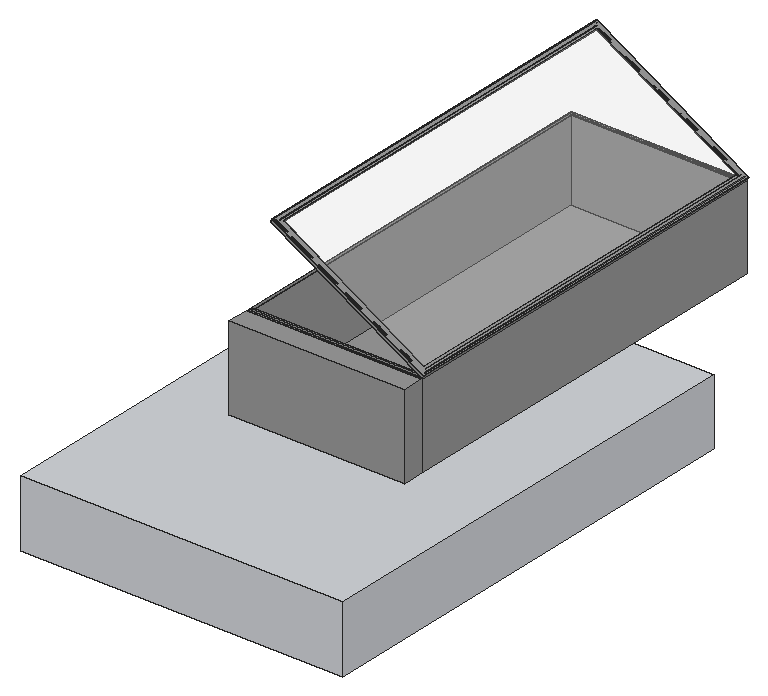
Revit family "Hager-Univers-IP55-D400-H1950-Cl.I-Steel_encl-AT-de", category Equipement électrique, Revit 2020
Family settings
  Hôte = Face
  Configuration du panneau = Deux colonnes, circuits au sein
  Cote de connecteur circulaire = Utiliser le diamètre
  Type d'élément = Tableau de raccordement
  Couper avec des vides une fois chargée = Non
  Partagée = Non
  Point de calcul de pièce = Non
Parameters (values of type "Bodenaufstellung IP55 B800 H1950 T400  - FR23V1")
  Width Control [instance] = if([EF000008 - Breite] > Min Width, [EF000008 - Breite], Min Width)  # 800 mm
  Commentaires du type = [HG000003 - Bereich]  # "Univers"
  Thickness Door [instance] = if([EF009171 - Materialstärke Tür/Deckel] > 3 mm, 3 mm, [EF009171 - Materialstärke Tür/Deckel])  # 1.5 mm
  Seal Frame Offset [instance] = 17 mm  # constant formula
  Plinth Visibility [instance] = [HG000027 - Sockelhöhe] > 0 mm  # yes
  Model = ""
  Min Width [instance] = 100 mm  # constant formula
  Min Height [instance] = 100 mm  # constant formula
  Min Depth [instance] = (2 * [EF009170 - Materialstärke Gehäuse]) + 1 mm  # 4 mm
  Internal Frame Depth [instance] = (Door System Depth * 0.5)  # 9 mm
  Height Control [instance] = if([EF000040 - Höhe] > Min Height, [EF000040 - Höhe], Min Height)  # 1950 mm
  HG000027 - Sockelhöhe = 100 mm
  HG000026 - Stehend auf dem Boden = yes
  HG000024 - Höhe des unteren Teils = 800 mm
  HG000023 - Gehäuse mit doppeltem Querschnitt = no
  HG000016 - 3D-Türsichtbarkeit [instance] = yes
  HG000015 - Sichtbarkeit der Türöffnung [instance] = no
  HG000014 - Tür rechts [instance] = yes
  HG000013 - Tür links [instance] = not([HG000014 - Tür rechts])  # no
  HG000012 - Türschwenkwinkel [instance] = 30.00°
  HG000010 - Asymmetrische Türen = no
  HG000009 - Doppelflügeligen Tür = no
  HG000006 - Unterputz = no
  HG000004 - Herstellerreferenz = "FR23V1"
  HG000003 - Bereich = "Univers"
  HG000002 - Mit tür = yes
  Frame Offset Bottom [instance] = 10 mm  # constant formula
  Frame Offset [instance] = 15 mm  # constant formula
  EF015940 - Deckel mit Überdruckentlastung = no
  EF011959 - Schutzart (NEMA) = ""
  EF009554 - Anzahl der Öffnungen für Flanschplatten = 6
  Fabricant = "Hager"  # constant formula
  EF009212 - Ausführung Deckel = "EV000116 - geschlossen"
  EF009171 - Materialstärke Tür/Deckel = 1.5 mm
  EF009170 - Materialstärke Gehäuse = 1.5 mm
  EF008873 - Nennstrom (In) = 800 A
  EF007800 - Geeignet für Blitzschutz = no
  EF006306 - Mit Schloss = no
  EF006244 - Transparenter Deckel/Tür = yes
  EF005474 - Schutzart (IP) = "EV006420 - IP55"
  EF004464 - Art der Tür = "EV002646 - Einzel"
  EF004427 - Anzahl der Module = 432
  EF004293 - Schlagfestigkeit = "EV008784 - IK10"
  EF003532 - Geeignet für Außengebrauch = no
  EF002950 - Breite in Teilungseinheiten = 24
  EF001613 - Funktionserhalt = "EV000494 - ohne"
  EF001596 - Werkstoff des Gehäuses = "EV000179 - Stahl"
  EF001131 - Innentiefe = 400 mm
  EF001088 - Anbaumöglichkeit = yes
  EF000437 - Anzahl der Leitungseinführungen = 6
  EF000339 - Art der Abdeckung = "EV004216 - Tür"
  EF000266 - Anzahl der Reihen = 12
  EF000218 - Einbautiefe = 0 mm
  EF000118 - Mit Montageplatte = no
  EF000116 - RAL-Nummer = "7035"
  EF000049 - Tiefe = 400 mm
  EF000040 - Höhe = 1950 mm
  EF000008 - Breite = 800 mm
  EF000007 - Farbe = "EV000270 - grau"
  EF000003 - Montageart = "EV012274 - Bodenaufstellung"
  Door System Leaf Tolerance [instance] = 1.5 mm  # constant formula
  Door System Depth [instance] = 18 mm  # constant formula
  Door Height [instance] = Height Control - [HG000027 - Sockelhöhe]  # 1850 mm
  Depth Control [instance] = if([EF000049 - Tiefe] > Min Depth, [EF000049 - Tiefe], Min Depth)  # 400 mm
  Default Elevation = 0 mm
  Connector Offset [instance] = Height Control / 2  # 975 mm
  Bottom Top Plate Trim [instance] = 1.5 mm  # constant formula
  Plinth height Ctrl [instance] = if([HG000027 - Sockelhöhe] > 0 mm, [HG000027 - Sockelhöhe], 12 mm)  # 100 mm
Types (11, lengths in mm): name | Width Control | HG000010 - Asymmetrische Türen | HG000009 - Doppelflügeligen Tür | HG000004 - Herstellerreferenz | EF009554 - Anzahl der Öffnungen für Flanschplatten | EF006244 - Transparenter Deckel/Tür | EF004464 - Art der Tür | EF004427 - Anzahl der Module | EF000437 - Anzahl der Leitungseinführungen | EF000008 - Breite
  Bodenaufstellung IP55 B1050 H1950 T400  - FR24G1 | 1050 | yes | yes | "FR24G1" | 8 | no | "EV003602 - Doppel" | 576 | 8 | 1050
  Bodenaufstellung IP55 B1050 H1950 T400  - FR24V1 | 1050 | yes | yes | "FR24V1" | 8 | yes | "EV003602 - Doppel" | 576 | 8 | 1050
  Bodenaufstellung IP55 B1300 H1950 T400  - FR25G1 | 1300 | yes | yes | "FR25G1" | 10 | no | "EV003602 - Doppel" | 720 | 10 | 1300
  Bodenaufstellung IP55 B1300 H1950 T400  - FR25V1 | 1300 | yes | yes | "FR25V1" | 10 | yes | "EV003602 - Doppel" | 720 | 10 | 1300
  Bodenaufstellung IP55 B1550 H1950 T400  - FR26G1 | 1550 | yes | yes | "FR26G1" | 12 | no | "EV003602 - Doppel" | 864 | 12 | 1550
  Bodenaufstellung IP55 B1550 H1950 T400  - FR26V1 | 1550 | yes | yes | "FR26V1" | 12 | yes | "EV003602 - Doppel" | 864 | 12 | 1550
  Bodenaufstellung IP55 B300 H1950 T400  - FR21G1 | 300 | no | no | "FR21G1" | 2 | no | "EV002646 - Einzel" | 144 | 2 | 300
  Bodenaufstellung IP55 B550 H1950 T400  - FR22G1 | 550 | no | no | "FR22G1" | 4 | no | "EV002646 - Einzel" | 288 | 4 | 550
  Bodenaufstellung IP55 B550 H1950 T400  - FR22V1 | 550 | no | no | "FR22V1" | 4 | yes | "EV002646 - Einzel" | 288 | 4 | 550
  Bodenaufstellung IP55 B800 H1950 T400  - FR23G1 | 800 | no | no | "FR23G1" | 6 | no | "EV002646 - Einzel" | 432 | 6 | 800
  Bodenaufstellung IP55 B800 H1950 T400  - FR23V1 | 800 | no | no | "FR23V1" | 6 | yes | "EV002646 - Einzel" | 432 | 6 | 800
Reference planes
  plane 1 "Center (Front/Back)": y = 0
  plane 2: z = 0
  plane 3 "Center (Left/Right)": x = 0
  plane 4: z = 400
  plane 5: y = 101.5
  plane 6: y = 1025
  plane 7: y = 100
  plane 8: y = 1950
  plane 9: z = 0
  plane 10: x = -385
  plane 11: x = 385
  plane 12: x = 383.5
  plane 13: x = -383.5
  plane 14: y = 1948.5
  plane 15: x = -383
  plane 16: x = -400
  plane 17: x = 383
  plane 18: x = 400
  plane 19: x = 398.5
  plane 20: x = -398.5
  plane 21: y = 111.5
  plane 22: y = 1950
  plane 23: y = 1933.5
  plane 24: z = 382
  plane 25: z = 1.5
  plane 26: z = 380.5
  plane 27: z = 398.5
Forms (mm)
  Extrusion 1, solid
    sketch origin (0, 0, 0) x (1, 0, 0) y (0, 1, 0)
      loop
        line (-702.964, 1305) -> (-702.964, -811.445) -> (766.763, -811.445) -> (766.763, 1305) -> (-702.964, 1305)
    from 0 to -304.8
  Extrusion 2, solid, material "Hager_Steel_RAL7035_Light_Grey", visible <- "Plinth Visibility", detail levels medium+fine
    sketch origin (0, 0, 0) x (1, 0, 0) y (0, 1, 0)
      loop
        line (-400, 0) -> (400, 0) -> (400, 100) -> (-400, 100) -> (-400, 0)
    from 0 to 382
  Extrusion 3, solid, material "Hager_Steel_RAL7035_Light_Grey", detail levels medium+fine
    sketch origin (0, 0, 0) x (1, 0, 0) y (0, 1, 0)
      loop
        line (-400, 100) -> (400, 100) -> (400, 1950) -> (-400, 1950) -> (-400, 100)
    from 0 to 382
  Extrusion 4, void
    sketch origin (0, 0, 0) x (1, 0, 0) y (0, 1, 0)
      loop
        line (-398.5, 101.5) -> (398.5, 101.5) -> (398.5, 1948.5) -> (-398.5, 1948.5) -> (-398.5, 101.5)
    from 1.5 to 380.5
  Extrusion 5, void
    sketch origin (-381.607, -4572, 382) x (0, -1, 0) y (-1, 0, 0)
      loop
        line (-4683.5, 1.893) -> (-6505.5, 1.893) -> (-6505.5, -765.107) -> (-4683.5, -765.107) -> (-4683.5, 1.893)
    from 0 to 1.5 <- "EF009170 - Materialstärke Gehäuse"
  Extrusion 6, solid, material "Hager_Steel_RAL7035_Light_Grey", detail levels fine
    sketch origin (0, 0, 382) x (1, 0, 0) y (0, 1, 0)
      loop
        line (-383.5, 1933.5) -> (-383.5, 111.5) -> (383.5, 111.5) -> (383.5, 1933.5) -> (-383.5, 1933.5)
      loop
        line (-385, 110) -> (385, 110) -> (385, 1935) -> (-385, 1935) -> (-385, 110)
    from 0 to 9 <- "Internal Frame Depth"
  Extrusion 7, solid, material "Hager_Steel_RAL7035_Light_Grey", detail levels coarse
    sketch origin (0, 0, 0) x (1, 0, 0) y (0, 1, 0)
      loop
        line (-400, 0) -> (400, 0) -> (400, 1950) -> (-400, 1950) -> (-400, 0)
    from 0 to 400
  Sweep 8, void
    path in 3D
      loop
        line (-400, 100, 0) -> (400, 100, 0) -> (400, 100, 382) -> (-400, 100, 382) -> (-400, 100, 0)
    profile origin (-400, 100, 191) x (-1, 0, 0) y (0, -1, 0)
      loop
        line (0, 0) -> (0, 1.5) -> (-1.5, 1.5)
        arc (-1.5, 1.5) -> (-1.061, 0.439) -> (0, 0) r 1.5
Cuts and joins
  Extrusion 4, Extrusion 5 cuts Extrusion 3
  Sweep 8 cuts Extrusion 2
Lines and regions (mm)
  Masking region 1
    outline origin (0, 0, 0) x (1, 0, 0) y (0, 0, 1)
      loop
        line (-400, 400) -> (-400, 0) -> (400, 0) -> (400, 400) -> (-400, 400)
  Masking region 2, detail levels medium+fine
    outline origin (0, 140, 0) x (0, 1, 0) y (0, 0, 1)
      loop
        line (-40, 0) -> (1810, 0) -> (1810, 382) -> (-40, 382) -> (-40, 0)
  Masking region 3, not visible, detail levels medium+fine
    outline origin (0, 297.922, 0) x (0, 1, 0) y (0, 0, 1)
      loop
        line (738.578, 0) -> (778.578, 0) -> (778.578, 388.5)
        arc (778.578, 388.5) -> (775.649, 395.571) -> (768.578, 398.5) r 10
        line (768.578, 398.5) -> (738.578, 398.5) -> (738.578, 0)
  Masking region 4, detail levels coarse
    outline origin (0, 0, 180) x (0, 1, 0) y (0, 0, 1)
      loop
        line (0, -180) -> (1950, -180) -> (1950, 220) -> (0, 220) -> (0, -180)
  Masking region 5, visible <- "Plinth Visibility", detail levels medium+fine
    outline origin (0, 52.24, 12.345) x (0, 0, -1) y (0, 1, 0)
      loop
        line (10.845, 47.76) -> (-368.155, 47.76)
        arc (-368.155, 47.76) -> (-368.594, 46.699) -> (-369.655, 46.26) r 1.5
        line (-369.655, 46.26) -> (-369.655, -52.24) -> (12.345, -52.24) -> (12.345, 46.26)
        arc (12.345, 46.26) -> (11.285, 46.699) -> (10.845, 47.76) r 1.5
  Masking region 6, detail levels medium+fine
    outline origin (-381.607, -4572, 382) x (-1, 0, 0) y (0, -1, 0)
      loop
        line (18.393, -6522) -> (18.393, -4672) -> (-781.607, -4672) -> (-781.607, -6522) -> (18.393, -6522)
  Masking region 7, visible <- "Plinth Visibility", detail levels medium+fine
    outline origin (-381.607, -4727, 382) x (-1, 0, 0) y (0, -1, 0)
      loop
        arc (16.893, -4827) -> (17.332, -4825.939) -> (18.393, -4825.5) r 1.5
        line (18.393, -4825.5) -> (18.393, -4727) -> (-781.607, -4727) -> (-781.607, -4825.5)
        arc (-781.607, -4825.5) -> (-780.546, -4825.939) -> (-780.107, -4827) r 1.5
        line (-780.107, -4827) -> (16.893, -4827)
  Masking region 8, detail levels coarse
    outline origin (-442.548, -4669.526, 382) x (-1, 0, 0) y (0, -1, 0)
      loop
        line (-42.548, -6619.526) -> (-42.548, -4669.526) -> (-842.548, -4669.526) -> (-842.548, -6619.526) -> (-42.548, -6619.526)
  sketch lines
    curve 1: line (-400, 100, 382) -> (-400, 100, 0)
    curve 2: line (400, 100, 382) -> (-400, 100, 382)
    curve 3: line (400, 100, 382) -> (400, 100, 0)
    curve 4: line (-400, 100, 0) -> (400, 100, 0)
Dimensions and locks
  "Depth Control": plane 4 to Extrusion 1
  "HG000027 - Sockelhöhe": plane 1 "Center (Front/Back)" to plane 7
  "EF009170 - Materialstärke Gehäuse": plane 5 to plane 7
  locked: connector elem to plane 3 "Center (Left/Right)"
  equal spacing: plane 8, plane 6, plane 7
  locked: connector elem to plane 6
  "EF009170 - Materialstärke Gehäuse": plane 8 to plane 14
  "EF009170 - Materialstärke Gehäuse": plane 10 to plane 13
  "EF009170 - Materialstärke Gehäuse": plane 12 to plane 11
  "Frame Offset": plane 20 to plane 13
  "Frame Offset": plane 12 to plane 19
  "EF009170 - Materialstärke Gehäuse": plane 16 to plane 20
  "EF009170 - Materialstärke Gehäuse": plane 19 to plane 18
  "Seal Frame Offset": plane 16 to plane 15
  "Seal Frame Offset": plane 17 to plane 18
  "Frame Offset Bottom": plane 21 to plane 5
  "Frame Offset": plane 14 to plane 23
  equal spacing: plane 16, plane 3 "Center (Left/Right)", plane 18
  "Width Control": plane 16 to plane 18
  "EF009170 - Materialstärke Gehäuse": plane 4 to plane 27
  "EF009170 - Materialstärke Gehäuse": plane 24 to plane 26
  "EF009170 - Materialstärke Gehäuse": plane 25 to level
  "Door System Depth": plane 4 to plane 24
  "Height Control": plane 1 "Center (Front/Back)" to Extrusion 7 sketch curve
  "Height Control": Masking region 4 sketch curve to plane 1 "Center (Front/Back)"
  "Height Control": plane 1 "Center (Front/Back)" to plane 22
  "Bottom Top Plate Trim": profile plane to Sweep 8 sketch curve
  "Bottom Top Plate Trim": Sweep 8 sketch curve to profile plane
  "Plinth height Ctrl": plane 1 "Center (Front/Back)" to Extrusion 2 sketch curve
  "Plinth height Ctrl": Masking region 5 sketch curve to plane 1 "Center (Front/Back)"
  "Plinth height Ctrl": plane 1 "Center (Front/Back)" to Masking region 7 sketch curve
  "Thickness Door": Extrusion 6 sketch curve to Extrusion 6 sketch curve  (x3)
  "Thickness Door": cut or joined group of Extrusion 3, Extrusion 4, Extrusion 5 to Extrusion 6 sketch curve
  radius of Masking region 3 sketch curve = 10 mm
  "Bottom Top Plate Trim": radius of Masking region 5 sketch curve  (x2)
  "Bottom Top Plate Trim": radius of Sweep 8 sketch curve
  "Bottom Top Plate Trim": radius of Masking region 7 sketch curve  (x2)
  aligned and locked: plane 2 to Extrusion 1
  aligned and locked: level to Extrusion 1
  aligned and locked: level to Masking region 1 sketch curve
  aligned and locked: Masking region 1 sketch curve to plane 18
  aligned and locked: Masking region 1 sketch curve to plane 16
  aligned and locked: plane 7 to Masking region 2 sketch curve
  aligned and locked: level to Masking region 3 sketch curve
  aligned and locked: Masking region 3 sketch curve to plane 27
  aligned and locked: level to Masking region 2 sketch curve
  aligned and locked: plane 1 "Center (Front/Back)" to Extrusion 2 sketch curve
  aligned and locked: Extrusion 3 sketch curve to plane 7
  aligned and locked: plane 16 to Extrusion 3 sketch curve
  aligned and locked: plane 18 to Extrusion 3 sketch curve
  aligned and locked: plane 20 to Extrusion 4 sketch curve
  aligned and locked: plane 19 to Extrusion 4 sketch curve
  aligned and locked: Extrusion 4 sketch curve to plane 5
  aligned and locked: Extrusion 4 to plane 25
  aligned and locked: plane 26 to Extrusion 4
  aligned and locked: plane 24 to Extrusion 3
  aligned and locked: Extrusion 5 sketch curve to plane 21
  aligned and locked: Extrusion 5 sketch curve to plane 13
  aligned and locked: Extrusion 5 sketch curve to plane 12
  aligned and locked: plane 18 to Extrusion 7 sketch curve
  aligned and locked: plane 1 "Center (Front/Back)" to Extrusion 7 sketch curve
  aligned and locked: plane 16 to Extrusion 7 sketch curve
  aligned and locked: plane 4 to Extrusion 7
  aligned and locked: Extrusion 7 to level
  aligned and locked: level to Masking region 4 sketch curve
  aligned and locked: Masking region 4 sketch curve to plane 1 "Center (Front/Back)"
  aligned and locked: Masking region 4 sketch curve to plane 4
  aligned and locked: nested 1 to level
  aligned and locked: nested 1 to plane 16
  aligned and locked: plane 8 to Extrusion 3 sketch curve
  aligned and locked: plane 23 to Extrusion 5 sketch curve
  aligned and locked: plane 14 to Extrusion 4 sketch curve
  aligned and locked: Masking region 2 sketch curve to plane 8
  aligned and locked: level to Masking region 5 sketch curve
  aligned and locked: plane 16 to Extrusion 2 sketch curve
  aligned and locked: plane 18 to Extrusion 2 sketch curve
  aligned and locked: Masking region 5 sketch curve to plane 24
  aligned and locked: Masking region 2 sketch curve to plane 24
  aligned and locked: plane 24 to Extrusion 2
  aligned and locked: profile plane to Sweep 8 sketch curve  (x2)
  aligned and locked: Masking region 6 sketch curve to plane 18
  aligned and locked: Masking region 6 sketch curve to plane 22
  aligned and locked: Masking region 6 sketch curve to plane 16
  aligned and locked: plane 8 to plane 22
  aligned and locked: Masking region 6 sketch curve to plane 7
  aligned and locked: Masking region 7 sketch curve to plane 16
  aligned and locked: Masking region 7 sketch curve to plane 1 "Center (Front/Back)"
  aligned and locked: Masking region 7 sketch curve to plane 18
  aligned and locked: Masking region 8 sketch curve to plane 1 "Center (Front/Back)"
  aligned and locked: Masking region 8 sketch curve to plane 18
  aligned and locked: Masking region 8 sketch curve to plane 22
  aligned and locked: Masking region 8 sketch curve to plane 16
  aligned and locked: nested 2 to plane 7
  aligned and locked: plane 3 "Center (Left/Right)" to nested 2
  aligned and locked: nested 2 to plane 24
  aligned and locked: Extrusion 6 sketch curve to cut or joined group of Extrusion 3, Extrusion 4, Extrusion 5  (x4)
Automatic sketch dimensions
  Extrusion 1 sketch curve to Extrusion 1 sketch curve = 1469.727 mm
  Extrusion 1 sketch curve to Extrusion 1 sketch curve = 2116.445 mm
  Masking region 1 sketch curve to plane 4 = 0 mm
  plane 6 to Masking region 3 sketch curve = 11.5 mm
  Masking region 3 sketch curve to Masking region 3 sketch curve = 30 mm
  Masking region 5 sketch curve to plane 1 "Center (Front/Back)" = 0 mm
Nested families
  nested 1: "Hager_Enclosure_Symbol" at (-400, 0, 0) x (1, 0, 0) z (0, -1, 0), Height <- "Depth Control", Width <- "Width Control", type "Hager_Enclosure_Symbol"
    with Width_Ctrl 800 mm, Width 800 mm, Height_Ctrl 400 mm, Height 400 mm, A_Width_Int 26.25 mm, A_Width 315 mm, A_Height_Ctrl 350 mm, A_Height 350 mm
  nested 2: "EC000058_Univers_Door" at (0, 100, 382) x (1, 0, 0) z (0, 1, 0), Leaf_Tolerance <- "Door System Leaf Tolerance", Angle <- "HG000012 - Türschwenkwinkel", Door_Depth <- "Door System Depth", Door_Left <- "HG000013 - Tür links", Transparent <- "EF006244 - Transparenter Deckel/Tür", Assymetrical <- "HG000010 - Asymmetrische Türen", Width <- "Width Control", Clearance <- "HG000015 - Sichtbarkeit der Türöffnung", Double <- "HG000009 - Doppelflügeligen Tür", 3d_Door <- "HG000016 - 3D-Türsichtbarkeit", Lock_Visibility <- "EF006306 - Mit Schloss", Width_Ctrl <- "Width Control", Door_Right <- "HG000014 - Tür rechts", Door <- "HG000002 - Mit tür", Height <- "Door Height", Thickness <- "Thickness Door", type "EC000058_Univers_Door", detail levels medium+fine
    with min_wh 4 mm, Width_Ctrl 800 mm, Width 800 mm, Transparent yes, Thickness 1.5 mm, Seal_Material Hager_Rubber, Lock_Visibility no, Lock_Material Hager_Plastic_RAL9005_Jet_Black, Leaf_Width 800 mm, Leaf_Tolerance_External_Sides 0 mm, Leaf_Tolerance 1.5 mm, Leaf_Offset 0 mm, Leaf_Height 1847 mm, Leaf_2_Width 800 mm, Leaf_2_Offset 400 mm, Leaf_1_Width 800 mm, Leaf_1_Offset 400 mm, Height_Ctrl 1850 mm, Height 1850 mm, Glass_Material Hager_Glass, Double_Clearance_Ctrl no, Double no, Door_Right_Ctrl yes, Door_Right yes, Door_Material Hager_Steel_RAL7035_Light_Grey, Door_Left_Ctrl no, Door_Left no, Door_Depth 18 mm, Door yes, Clearance_Material Hager_Clearance, Clearance_Depth 800 mm, Clearance_Ctrl no, Clearance no, Assymetrical no, Angle 30.00°, 3d_Door yes
Connectors
  electrical at (0, 1025, 0)
    settings: on plane 9, index 1, voltage 0 V, apparent load 0 VA, apparent load phase1 0 VA, apparent load phase2 0 VA, apparent load phase3 0 VA, power factor 1, load classification "Other", number of poles 1, system type 30, power factor state 1, is connector primary yes, connector utility no, sub classification motor no, connector description ""
Definition of nested family "EC000058_Univers_Door"
  Parameters (values of type "EC000058_Univers_Door")
    min_wh [instance] = (2 * Thickness) + 1 mm  # 11 mm
    Width_Ctrl [instance] = 400 mm
    Width [instance] = 500 mm
    Transparent [instance] = yes
    Thickness [instance] = 5 mm
    Seal_Material [instance] = none
    Lock_Visibility [instance] = yes
    Lock_Material [instance] = none
    Leaf_Width [instance] = if((Width_Ctrl - 2 * Leaf_Tolerance_External_Sides) > 0 mm, (Width_Ctrl - 2 * Leaf_Tolerance_External_Sides), min_wh)  # 400 mm
    Leaf_Tolerance_External_Sides [instance] = 0 mm  # constant formula
    Leaf_Tolerance [instance] = 1.5 mm
    Leaf_Offset [instance] = 0 mm  # constant formula
    Leaf_Height [instance] = if((Height_Ctrl - 2 * Leaf_Tolerance) > 0 mm, (Height_Ctrl - 2 * Leaf_Tolerance), min_wh)  # 497 mm
    Leaf_2_Width [instance] = if(and(and(Double, Assymetrical), Door_Left), (Leaf_Width / 3) - (Leaf_Tolerance / 2), if(and(and(Double, Assymetrical), Door_Right), (Leaf_Width / 3) * 2 - (Leaf_Tolerance / 2), if(and(Double, not(Assymetrical)), (Leaf_Width / 2) - Leaf_Tolerance, Leaf_Width)))  # 400 mm
    Leaf_2_Offset [instance] = if(and(Double, Assymetrical), Leaf_2_Width / 2, if(and(Double, not(Assymetrical)), Leaf_Width / 4, Leaf_Width / 2))  # 200 mm
    Leaf_1_Width [instance] = if(and(and(Double, Assymetrical), Door_Right), (Leaf_Width / 3) - (Leaf_Tolerance / 2), if(and(and(Double, Assymetrical), Door_Left), (Width / 3) * 2 - (Leaf_Tolerance / 2), if(and(Double, not(Assymetrical)), (Leaf_Width / 2) - Leaf_Tolerance, Leaf_Width)))  # 400 mm
    Leaf_1_Offset [instance] = if(and(Double, Assymetrical), Leaf_1_Width / 2, if(and(Double, not(Assymetrical)), Leaf_Width / 4, Leaf_Width / 2))  # 200 mm
    Height_Ctrl [instance] = if(Height > min_wh, Height, min_wh)  # 500 mm
    Height [instance] = 500 mm
    Glass_Material [instance] = none
    Double_Clearance_Ctrl [instance] = and(Double, Clearance)  # no
    Double [instance] = no
    Door_Right_Ctrl [instance] = and(or(Door_Right, Double), Door)  # yes
    Door_Right [instance] = yes
    Door_Material [instance] = none
    Door_Left_Ctrl [instance] = and(or(Door_Left, Double), Door)  # no
    Door_Left [instance] = no
    Door_Depth [instance] = 30 mm
    Door [instance] = yes
    Default Elevation = 1219.2 mm
    Clearance_Material [instance] = none
    Clearance_Depth [instance] = if(Leaf_1_Width > Leaf_2_Width, Leaf_1_Width, Leaf_2_Width)  # 400 mm
    Clearance_Ctrl [instance] = and(not(Double), Clearance)  # yes
    Clearance [instance] = yes
    Assymetrical [instance] = yes
    Angle [instance] = 30.00°
    3d_Door [instance] = yes
  Reference planes
    plane 1 "Center (Front/Back)": y = 0
    plane 2 "Bottom": z = 0
    plane 3 "Center (Left/Right)": x = 0
    plane 4: z = 500
    plane 5: x = -200
    plane 6: x = 200
    plane 7: z = 500
    plane 8: x = -200
    plane 9: z = 0
    plane 10: x = 200
    plane 11: y = 0
    plane 12: z = 1.5
    plane 13: x = -600
    plane 14: y = -400
    plane 15: x = 600
    plane 16: x = 0
    plane 17: x = 0
    plane 18: x = -200
    plane 19: x = 200
    plane 20: z = 498.5
  Forms (mm)
    Extrusion 1, solid, material <- "Clearance_Material", visible <- "Double_Clearance_Ctrl"
      sketch origin (1200, 0, 0) x (1, 0, 0) y (0, 0, -1)
        loop
          line (-1800, -498.5) -> (-600, -498.5) -> (-600, 0) -> (-1800, 0) -> (-1800, -498.5)
      from 0 to -400
  Dimensions and locks
    equal spacing: plane 5, plane 3 "Center (Left/Right)", plane 6
    "Width_Ctrl": plane 5 to plane 6
    "Leaf_Offset": plane 5 to plane 8
    "Leaf_Offset": plane 6 to plane 10
    "Leaf_Offset": plane 9 to level
    "Leaf_Offset": plane 4 to plane 7
    "Height_Ctrl": plane 4 to level
    "Leaf_Tolerance": plane 12 to plane 9
    locked: plane 11 to plane 1 "Center (Front/Back)"
    "Leaf_1_Offset": plane 18 to plane 16
    "Leaf_2_Offset": plane 17 to plane 19
    "Leaf_1_Width": plane 13 to plane 8
    "Leaf_2_Width": plane 10 to plane 15
    "Clearance_Depth": plane 14 to plane 1 "Center (Front/Back)"
    "Leaf_Tolerance_External_Sides": plane 8 to plane 18
    "Leaf_Tolerance_External_Sides": plane 19 to plane 10
    "Leaf_Tolerance": plane 7 to plane 20
    aligned and locked: level to plane 2 "Bottom"
    aligned and locked: nested 1 to plane 16
    aligned and locked: nested 2 to plane 17
    aligned and locked: Extrusion 1 to plane 13
    aligned and locked: plane 15 to Extrusion 1
    aligned and locked: Extrusion 1 to plane 14
    aligned and locked: plane 12 to nested 1
    aligned and locked: nested 2 to plane 12
    aligned and locked: Extrusion 1 to plane 11
    aligned and locked: plane 20 to Extrusion 1
    aligned and locked: nested 2 to plane 11
    aligned and locked: nested 1 to plane 11
  Automatic sketch dimensions
    Extrusion 1 sketch curve to level = 0 mm
    plane 5 to Extrusion 1 sketch curve = 400 mm
    plane 6 to Extrusion 1 sketch curve = 400 mm
    Extrusion 1 sketch curve to plane 4 = 1.5 mm
  Nested families
    nested 1: "EC000058_Univers_Door_Leaf" at (0, 0, 1.5), Width <- "Leaf_1_Width", visible <- "Door_Left_Ctrl", Leaf_Height <- "Leaf_Height", Angle <- "Angle", 3d_Door <- "3d_Door", Transparent <- "Transparent", Clearance Material <- "Clearance_Material", Clearance <- "Clearance_Ctrl", Door_Material <- "Door_Material", Glass_Material <- "Glass_Material", Door_Depth <- "Door_Depth", Lock_Material <- "Lock_Material", Seal_Material <- "Seal_Material", Lock_Visibility <- "Lock_Visibility", Thickness <- "Thickness", type "EC000058_Univers_Door_Leaf"
      with Width 400 mm, Transparent_Glass_Offset 30 mm, Transparent_Ctrl yes, Transparent yes, Thickness 5 mm, Standard no, Seal_Material none, Seal_D2 8 mm, Seal_D1 1 mm, Offset_Internal_Frame 10 mm, Lock_Width 20 mm, Lock_Visibility_3d yes, Lock_Visibility yes, Lock_Thickness_3 3 mm, Lock_Thickness_2 1 mm, Lock_Thickness_1 3 mm, Lock_Radius_Offset_2 16 mm, Lock_Radius_Offset_1 15 mm, Lock_Radius_2 5 mm, Lock_Radius 6 mm, Lock_Offset 5 mm, Lock_Material none, Lock_Height 80 mm, Lock_Cover_Top_Offset_2d 17 mm, Lock_Cover_Height -65 mm, Leaf_Height 497 mm, Internal_Seal_Thickness 8 mm, Internal_Seal_Depth_2 4.5 mm, Internal_Frame_Depth 25 mm, Glass_Thickness -1 mm, Glass_Offset -2 mm, Glass_Material none, Door_Material none, Door_Depth 30 mm, Clearance Material none, Clearance yes, Angle_Ctrl 30.00°, Angle 30.00°, 3d_Door yes
    nested 2: "EC000058_Univers_Door_Leaf" at (0, 0, 1.5) x (-1, 0, 0) z (0, 0, 1), Width <- "Leaf_2_Width", visible <- "Door_Right_Ctrl", Leaf_Height <- "Leaf_Height", Angle <- "Angle", 3d_Door <- "3d_Door", Transparent <- "Transparent", Clearance Material <- "Clearance_Material", Clearance <- "Clearance_Ctrl", Door_Material <- "Door_Material", Glass_Material <- "Glass_Material", Door_Depth <- "Door_Depth", Lock_Material <- "Lock_Material", Seal_Material <- "Seal_Material", Lock_Visibility <- "Lock_Visibility", Thickness <- "Thickness", type "EC000058_Univers_Door_Leaf"
      with Width 400 mm, Transparent_Glass_Offset 30 mm, Transparent_Ctrl yes, Transparent yes, Thickness 5 mm, Standard no, Seal_Material none, Seal_D2 8 mm, Seal_D1 1 mm, Offset_Internal_Frame 10 mm, Lock_Width 20 mm, Lock_Visibility_3d yes, Lock_Visibility yes, Lock_Thickness_3 3 mm, Lock_Thickness_2 1 mm, Lock_Thickness_1 3 mm, Lock_Radius_Offset_2 16 mm, Lock_Radius_Offset_1 15 mm, Lock_Radius_2 5 mm, Lock_Radius 6 mm, Lock_Offset 5 mm, Lock_Material none, Lock_Height 80 mm, Lock_Cover_Top_Offset_2d 17 mm, Lock_Cover_Height -65 mm, Leaf_Height 497 mm, Internal_Seal_Thickness 8 mm, Internal_Seal_Depth_2 4.5 mm, Internal_Frame_Depth 25 mm, Glass_Thickness -1 mm, Glass_Offset -2 mm, Glass_Material none, Door_Material none, Door_Depth 30 mm, Clearance Material none, Clearance yes, Angle_Ctrl 30.00°, Angle 30.00°, 3d_Door yes
  Definition of nested family "EC000058_Univers_Door_Leaf"
    Parameters (values of type "EC000058_Univers_Door_Leaf")
      Width [instance] = 2000 mm
      Transparent_Glass_Offset [instance] = 30 mm
      Transparent_Ctrl [instance] = and(Transparent, [3d_Door])  # yes
      Transparent [instance] = yes
      Thickness [instance] = 5 mm
      Standard [instance] = and(not(Transparent), [3d_Door])  # no
      Seal_Material [instance] = none
      Seal_D2 [instance] = 8 mm  # constant formula
      Seal_D1 [instance] = 1 mm  # constant formula
      Offset_Internal_Frame [instance] = 10 mm  # constant formula
      Lock_Width [instance] = 20 mm  # constant formula
      Lock_Visibility_3d [instance] = and(Lock_Visibility, [3d_Door])  # yes
      Lock_Visibility [instance] = yes
      Lock_Thickness_3 [instance] = 3 mm  # constant formula
      Lock_Thickness_2 [instance] = 1 mm  # constant formula
      Lock_Thickness_1 [instance] = 3 mm  # constant formula
      Lock_Radius_Offset_2 [instance] = Lock_Radius_Offset_1 + 1 mm  # 16 mm
      Lock_Radius_Offset_1 [instance] = 15 mm  # constant formula
      Lock_Radius_2 [instance] = Lock_Radius - 1 mm  # 5 mm
      Lock_Radius [instance] = 6 mm  # constant formula
      Lock_Offset [instance] = 5 mm  # constant formula
      Lock_Material [instance] = none
      Lock_Height [instance] = 80 mm  # constant formula
      Lock_Cover_Top_Offset_2d [instance] = Lock_Radius_Offset_2 + 1 mm  # 17 mm
      Lock_Cover_Height [instance] = -(Lock_Height - Lock_Radius_Offset_1)  # -65 mm
      Leaf_Height [instance] = 2720.336 mm
      Internal_Seal_Thickness [instance] = 8 mm  # constant formula
      Internal_Seal_Depth_2 [instance] = 4.5 mm  # constant formula
      Internal_Frame_Depth [instance] = if(Door_Depth - Thickness > 5 mm, Door_Depth - Thickness, 5 mm)  # 25 mm
      Glass_Thickness [instance] = if(Thickness > 15 mm, Glass_Offset + 10 mm, -1 mm)  # -1 mm
      Glass_Offset [instance] = if(Thickness > 15 mm, -(Thickness + 10 mm) / 2, -2 mm)  # -2 mm
      Glass_Material [instance] = none
      Door_Material [instance] = none
      Door_Depth [instance] = 30 mm
      Default Elevation = 0 mm
      Clearance Material [instance] = none
      Clearance [instance] = yes
      Angle_Ctrl [instance] = if(Angle > 180.00°, 180.00°, Angle)  # 90.00°
      Angle [instance] = 90.00°
      3d_Door [instance] = yes
    Reference planes
      plane 1 "Center (Front/Back)": y = 0
      plane 2: z = 0
      plane 3 "Center (Left/Right)": x = 0
      plane 4: y = 2000
      plane 5: x = -1000
      plane 6: x = 1000
      plane 7: x = -3000
      plane 8: z = 2720.336
      plane 9: z = 30
      plane 10: z = 2690.336
      plane 11: x = 970
      plane 12: x = -970
      plane 13: y = -3
      plane 14: z = 107.833
      plane 15: y = -5
      plane 16: y = -223.314
      plane 17: x = -1000
      plane 18: z = 1360.168
      plane 19: y = 30
    Forms (mm)
      Extrusion 1, solid, material <- "Clearance Material", visible <- "Clearance"
        sketch origin (0, 0, 0) x (1, 0, 0) y (0, 0, 1)
          loop
            line (-3000, 2720.336) -> (-3000, 0) -> (1000, 0) -> (1000, 2720.336) -> (-3000, 2720.336)
        from 0 to -2000
      Extrusion 2, solid, material <- "Door_Material", visible <- "Standard", detail levels medium+fine
        sketch origin (-1000, 0, 0) x (0, 1, 0) y (-1, 0, 0)
          loop
            line (0, 30) -> (0, 25) -> (2000, 25) -> (2000, 30) -> (0, 30)
        from 0 to 2720.336 <- "Leaf_Height"
      Extrusion 3, solid, material <- "Door_Material", visible <- "Transparent_Ctrl", detail levels medium+fine
        sketch origin (-1000, 0, 0) x (0, 1, 0) y (-1, 0, 0)
          loop
            line (0, 25) -> (2000, 25) -> (2000, 30) -> (0, 30) -> (0, 25)
        from 0 to 2720.336 <- "Leaf_Height"
      Extrusion 4, void
        sketch origin (-1025, 2000, 0) x (0, 1, 0) y (0, 0, -1)
          loop
            line (-30, -2690.336) -> (-30, -30) -> (-1970, -30) -> (-1970, -2690.336) -> (-30, -2690.336)
        from 0 to 5 <- "Thickness"
      Sweep 5, solid, material <- "Seal_Material", visible <- "Transparent_Ctrl", detail levels fine
        path in 3D
          loop
            line (-1025, 30, 30) -> (-1025, 30, 2690.336) -> (-1025, 1970, 2690.336) -> (-1025, 1970, 30) -> (-1025, 30, 30)
        profile origin (-1025, 1000, 30) x (1, 0, 0) y (0, 0, 1)
          loop
            line (0, 0) -> (0, -8) -> (1, -8) -> (1, 0) -> (0, 0)
      Extrusion 6, solid, material <- "Glass_Material", visible <- "Transparent_Ctrl", detail levels medium+fine
        sketch origin (-1030, 0, 0) x (0, 1, 0) y (0, 0, -1)
          loop
            line (1970, -2690.336) -> (1970, -30) -> (30, -30) -> (30, -2690.336) -> (1970, -2690.336)
        from -2 <- "Glass_Offset" to -1 <- "Glass_Thickness"
      Extrusion 7, solid, material <- "Door_Material", visible <- "3d_Door", detail levels medium+fine
        sketch origin (-1025, 2000, 0) x (0, -1, 0) y (0, 0, -1)
          loop
            line (0, -2720.336) -> (2000, -2720.336) -> (2000, 0) -> (0, 0) -> (0, -2720.336)
          loop
            line (1995, -5) -> (5, -5) -> (5, -2715.336) -> (1995, -2715.336) -> (1995, -5)
        from 0 to 25 <- "Internal_Frame_Depth"
      Sweep 8, solid, material <- "Seal_Material", visible <- "Transparent_Ctrl", detail levels fine
        path in 3D
          loop
            line (-1025, 0, 0) -> (-1025, 2000, 0) -> (-1025, 2000, 2720.336) -> (-1025, 0, 2720.336) -> (-1025, 0, 0)
        profile origin (-1025, 0, 1360.168) x (1, 0, 0) y (0, 1, 0)
          loop
            line (0, 10) -> (2.975, 10)
            arc (2.975, 10) -> (4.053, 10.447) -> (4.5, 11.525) r 1.525
            line (4.5, 11.525) -> (4.5, 16.527)
            arc (4.5, 16.527) -> (4.069, 17.569) -> (3.027, 18) r 1.473
            line (3.027, 18) -> (0, 18) -> (0, 10)
      Extrusion 9, solid, material <- "Lock_Material", visible <- "Lock_Visibility_3d", detail levels fine
        sketch origin (-1030, 0, 0) x (0, 1, 0) y (0, 0, -1)
          loop
            arc (1993.5, -1400.168) -> (1994.561, -1399.729) -> (1995, -1398.668) r 1.5
            line (1995, -1398.668) -> (1995, -1320.168) -> (1975, -1320.168) -> (1975, -1398.668)
            arc (1975, -1398.668) -> (1975.439, -1399.729) -> (1976.5, -1400.168) r 1.5
            line (1976.5, -1400.168) -> (1993.5, -1400.168)
        from 3 <- "Lock_Thickness_1" to 0
      Blend 10, solid, material <- "Lock_Material", visible <- "Lock_Visibility_3d", detail levels fine
        base sketch origin (-1033, 0, 0) x (0, 1, 0) y (0, 0, -1)
          loop
            line (1975, -1320.168) -> (1975, -1398.668)
            arc (1975, -1398.668) -> (1975.439, -1399.729) -> (1976.5, -1400.168) r 1.5
            line (1976.5, -1400.168) -> (1993.5, -1400.168)
            arc (1993.5, -1400.168) -> (1994.561, -1399.729) -> (1995, -1398.668) r 1.5
            line (1995, -1398.668) -> (1995, -1320.168) -> (1975, -1320.168)
        top sketch origin (-1033, 0, 0) x (0, 1, 0) y (0, 0, -1)
          loop
            line (1976, -1320.168) -> (1976, -1398.668)
            arc (1976, -1398.668) -> (1976.146, -1399.022) -> (1976.5, -1399.168) r 0.5
            line (1976.5, -1399.168) -> (1993.5, -1399.168)
            arc (1993.5, -1399.168) -> (1993.854, -1399.022) -> (1994, -1398.668) r 0.5
            line (1994, -1398.668) -> (1994, -1320.168) -> (1976, -1320.168)
        from 0 to 1 <- "Lock_Thickness_2"
      Blend 11, solid, material <- "Lock_Material", visible <- "Lock_Visibility_3d", detail levels fine
        base sketch origin (-1034, 0, 0) x (0, 1, 0) y (0, 0, -1)
          loop
            line (1978, -1320.168) -> (1978, -1384.168)
            arc (1978, -1384.168) -> (1985, -1391.168) -> (1992, -1384.168) r 7
            line (1992, -1384.168) -> (1992, -1320.168) -> (1978, -1320.168)
        top sketch origin (-1034, 0, 0) x (0, 1, 0) y (0, 0, -1)
          loop
            line (1991, -1320.168) -> (1979, -1320.168) -> (1979, -1383.168)
            arc (1979, -1383.168) -> (1985, -1389.168) -> (1991, -1383.168) r 6
            line (1991, -1383.168) -> (1991, -1320.168)
        from 0 to 3 <- "Lock_Thickness_3"
      Extrusion 12, solid, material <- "Lock_Material", visible <- "Lock_Visibility_3d", detail levels fine
        sketch origin (-1030, 1975, 1320.168) x (1, 0, 0) y (0, -1, 0)
          loop
            line (-7, -19) -> (-7, -1) -> (0, -1) -> (0, 0) -> (-8, 0) -> (-8, -20) -> (0, -20) -> (0, -19) -> (-7, -19)
        from 0 to -65 <- "Lock_Cover_Height"
      Extrusion 13, void
        sketch origin (-1038, 1995, 1320.168) x (-1, 0, 0) y (0, 0, -1)
          loop
            line (-5, -65) -> (0, -65) -> (-5, -60) -> (-5, -65)
        from 0 to 20 <- "Lock_Width"
      Extrusion 14, void
        sketch origin (-1038, 1975, 1320.168) x (0, -1, 0) y (0, 0, -1)
          loop
            circle (-10, -15.995) r 6
          loop
            circle (-10, -15.995) r 5
        from 0 to 2
      Extrusion 15, solid, material <- "Lock_Material", visible <- "Lock_Visibility_3d", detail levels medium
        sketch origin (-1030, 0, 0) x (0, 1, 0) y (0, 0, -1)
          loop
            arc (1993.5, -1400.168) -> (1994.561, -1399.729) -> (1995, -1398.668) r 1.5
            line (1995, -1398.668) -> (1995, -1320.168) -> (1975, -1320.168) -> (1975, -1398.668)
            arc (1975, -1398.668) -> (1975.439, -1399.729) -> (1976.5, -1400.168) r 1.5
            line (1976.5, -1400.168) -> (1993.5, -1400.168)
        from 8 to 0
    Cuts and joins
      Extrusion 4 cuts Extrusion 3
      Extrusion 13, Extrusion 14 cuts Extrusion 9
      Extrusion 14 cuts Blend 11
      Extrusion 13, Extrusion 14 cuts Extrusion 12
      joined: Extrusion 9, Blend 10, Blend 11, Extrusion 12
      Extrusion 14 cuts Extrusion 15
    Lines and regions (mm)
      Masking region 1, visible <- "Lock_Visibility", detail levels fine
        outline origin (0, 0, 0) x (0, 1, 0) y (0, 0, 1)
          loop
            line (30, 1320.168) -> (33, 1320.168) -> (33, 1400.168) -> (30, 1400.168) -> (30, 1320.168)
      Masking region 2, visible <- "Lock_Visibility", detail levels fine
        outline origin (0, 3.143, 0) x (0, 1, 0) y (0, 0, 1)
          loop
            line (29.857, 1354.168) -> (30.857, 1354.168) -> (30.857, 1366.168) -> (29.857, 1366.168) -> (29.857, 1354.168)
      Masking region 3, detail levels medium+fine
        outline origin (0, 0, 0) x (0, 1, 0) y (0, 0, 1)
          loop
            line (0, 0) -> (30, 0) -> (30, 2720.336) -> (0, 2720.336) -> (0, 0)
      Masking region 4, detail levels medium+fine
        outline origin (0, 0, 0) x (1, 0, 0) y (0, 0, 1)
          loop
            line (-1000, 2720.336) -> (-1000, 0) -> (1000, 0) -> (1000, 2720.336) -> (-1000, 2720.336)
      Masking region 5, visible <- "Lock_Visibility", detail levels fine
        outline origin (-47.116, 0, 0) x (1, 0, 0) y (0, 0, 1)
          loop
            arc (1024.616, 1399.168) -> (1023.556, 1398.729) -> (1023.116, 1397.668) r 1.5
            line (1023.116, 1397.668) -> (1023.116, 1320.168) -> (1041.116, 1320.168) -> (1041.116, 1397.668)
            arc (1041.116, 1397.668) -> (1040.677, 1398.729) -> (1039.616, 1399.168) r 1.5
            line (1039.616, 1399.168) -> (1024.616, 1399.168)
      Masking region 6, visible <- "Lock_Visibility", detail levels medium+fine
        outline origin (-25, 0, 0) x (1, 0, 0) y (0, 0, 1)
          loop
            arc (1001.5, 1400.168) -> (1000.439, 1399.729) -> (1000, 1398.668) r 1.5
            line (1000, 1398.668) -> (1000, 1320.168) -> (1020, 1320.168) -> (1020, 1398.668)
            arc (1020, 1398.668) -> (1019.561, 1399.729) -> (1018.5, 1400.168) r 1.5
            line (1018.5, 1400.168) -> (1001.5, 1400.168)
      Masking region 7, visible <- "Lock_Visibility", detail levels fine
        outline origin (-73.735, 0, 0) x (1, 0, 0) y (0, 0, 1)
          loop
            line (1051.735, 1382.168) -> (1065.735, 1382.168) -> (1065.735, 1384.168)
            arc (1065.735, 1384.168) -> (1058.735, 1391.168) -> (1051.735, 1384.168) r 7
            line (1051.735, 1384.168) -> (1051.735, 1382.168)
      Masking region 8, visible <- "Lock_Visibility", detail levels fine
        outline origin (-73.735, 0, 0) x (1, 0, 0) y (0, 0, 1)
          loop
            line (1052.735, 1382.168) -> (1064.735, 1382.168) -> (1064.735, 1383.168)
            arc (1064.735, 1383.168) -> (1058.735, 1389.168) -> (1052.735, 1383.168) r 6
            line (1052.735, 1383.168) -> (1052.735, 1382.168)
      Masking region 9, visible <- "Lock_Visibility", detail levels fine
        outline origin (-25, 0, 0) x (1, 0, 0) y (0, 0, 1)
          loop
            line (1020, 1320.168) -> (1020, 1382.168) -> (1000, 1382.168) -> (1000, 1320.168) -> (1020, 1320.168)
      Masking region 10, detail levels medium+fine
        outline origin (0, 0, 0) x (1, 0, 0) y (0, 0, 1)
          loop
            circle (985, 1335.144) r 6
      Masking region 11, detail levels fine
        outline origin (0, 0, 0) x (1, 0, 0) y (0, 0, 1)
          loop
            circle (985, 1335.144) r 5
      Masking region 12, visible <- "Lock_Visibility", detail levels fine
        outline origin (0, 12.767, 0) x (0, 1, 0) y (0, 0, 1)
          loop
            line (20.233, 1320.168) -> (21.233, 1320.168) -> (21.233, 1399.168) -> (20.233, 1400.168) -> (20.233, 1320.168)
      Masking region 13, visible <- "Lock_Visibility", detail levels fine
        outline origin (0, 13.767, -10) x (0, 1, 0) y (0, 0, 1)
          loop
            line (20.233, 1330.168) -> (23.233, 1330.168) -> (23.233, 1399.168) -> (20.233, 1402.168) -> (20.233, 1330.168)
      Masking region 14, visible <- "Lock_Visibility", detail levels fine
        outline origin (0, 12.767, -10) x (0, 1, 0) y (0, 0, 1)
          loop
            line (20.233, 1330.168) -> (25.233, 1330.168) -> (25.233, 1399.305) -> (20.233, 1394.305) -> (20.233, 1330.168)
      Masking region 15, visible <- "Lock_Visibility", detail levels medium
        outline origin (0, 0, 0) x (0, 1, 0) y (0, 0, 1)
          loop
            line (30, 1320.168) -> (38, 1320.168) -> (38, 1400.168) -> (30, 1400.168) -> (30, 1320.168)
      Masking region 16, visible <- "Lock_Visibility", detail levels fine
        outline origin (-1000, 0, 0) x (0, 1, 0) y (-1, 0, 0)
          loop
            line (1975, 30) -> (1995, 30) -> (1995, 38) -> (1975, 38) -> (1975, 30)
          loop
            line (1979, 37) -> (1976, 37) -> (1976, 34) -> (1978, 34) -> (1979, 37)
          loop
            line (1994, 37) -> (1991, 37) -> (1992, 34) -> (1994, 34) -> (1994, 37)
      Masking region 17, visible <- "Lock_Visibility", detail levels medium
        outline origin (-1000, 0, 0) x (0, 1, 0) y (-1, 0, 0)
          loop
            line (1975, 30) -> (1995, 30) -> (1995, 38) -> (1975, 38) -> (1975, 30)
      symbolic lines
        curve 1: line (1000, 0, 0) -> (-3000, 0, 0)
        curve 2: arc (1000, 0, 0) -> (-1000, 2000, 0) -> (-3000, 0, 0) r 2000
        curve 4: line (-1030, 0, 0) -> (-1030, 2000, 0)
      reference lines
        curve 3: line (-1000, 0, 0) -> (-1000, 2000, 0)
      symbolic lines, detail levels medium+fine
        curve 5: line (-1030, 2000, 0) -> (-1025, 2000, 0)
        curve 7: line (-1025, 0, 0) -> (-1030, 0, 0)
        curve 8: line (-1025, 0, 0) -> (-1000, 0, 0)
        curve 9: line (-1000, 0, 0) -> (-1000, 2000, 0)
        curve 10: line (-1000, 2000, 0) -> (-1025, 2000, 0)
      symbolic lines, detail levels fine
        curve 6: line (-1025, 2000, 0) -> (-1025, 0, 0)
      sketch lines
        curve 11: line (-1025, 0, 2720.336) -> (-1025, 0, 0)
        curve 12: line (-1025, 2000, 0) -> (-1025, 0, 0)
        curve 13: line (-1025, 2000, 2720.336) -> (-1025, 2000, 0)
        curve 14: line (-1025, 0, 2720.336) -> (-1025, 2000, 2720.336)
        curve 15: line (-1025, 1970, 30) -> (-1025, 30, 30)
        curve 16: line (-1025, 30, 30) -> (-1025, 30, 2690.336)
        curve 17: line (-1025, 1970, 2690.336) -> (-1025, 1970, 30)
        curve 18: line (-1025, 30, 2690.336) -> (-1025, 1970, 2690.336)
      symbolic lines, visible <- "Transparent", detail levels medium+fine
        curve 19: line (-970, 0, 2690.336) -> (970, 0, 2690.336)
        curve 20: line (-970, 0, 30) -> (-970, 0, 2690.336)
        curve 21: line (970, 0, 30) -> (-970, 0, 30)
        curve 22: line (970, 0, 2690.336) -> (970, 0, 30)
    Dimensions and locks
      "Width": plane 1 "Center (Front/Back)" to plane 4
      equal spacing: plane 5, plane 3 "Center (Left/Right)", plane 6
      "Width": plane 5 to plane 6
      "Width": plane 7 to plane 5
      "Leaf_Height": plane 8 to level
      "Width": curve 5 to curve 3
      "Width": curve 3 to curve 3
      plane 8 to plane 10 = 30 mm
      plane 9 to level = 30 mm
      plane 12 to plane 5 = 30 mm
      plane 6 to plane 11 = 30 mm
      Extrusion 1 to Extrusion 4 sketch curve = 30 mm
      "Transparent_Glass_Offset": curve 3 to Extrusion 4 sketch curve
      "Transparent_Glass_Offset": Extrusion 4 sketch curve to cut or joined group of Extrusion 3, Extrusion 4  (x2)
      cut or joined group of Extrusion 3, Extrusion 4 to Extrusion 6 sketch curve = 30 mm
      "Transparent_Glass_Offset": cut or joined group of Extrusion 3, Extrusion 4 to Extrusion 4 sketch curve
      "Thickness": curve 6 to curve 4
      "Thickness": Extrusion 7 sketch curve to Extrusion 7 sketch curve  (x4)
      "Door_Depth": curve 4 to curve 3
      "Offset_Internal_Frame": profile plane to Sweep 8 sketch curve
      "Internal_Seal_Thickness": Sweep 8 sketch curve to Sweep 8 sketch curve
      "Internal_Seal_Depth_2": profile plane to Sweep 8 sketch curve
      "Seal_D1": profile plane to Sweep 5 sketch curve
      "Seal_D2": profile plane to Sweep 5 sketch curve
      "Thickness": Extrusion 2 sketch curve to Extrusion 2 sketch curve
      equal spacing: Extrusion 9 sketch curve, plane 18, Extrusion 9 sketch curve  (x2)
      equal spacing: Masking region 1 sketch curve, plane 18, Masking region 1 sketch curve
      "Lock_Height": Masking region 1 sketch curve to Masking region 1 sketch curve
      "Lock_Radius": Masking region 2 sketch curve to plane 18 to Masking region 2 sketch curve
      Masking region 2 sketch curve to Masking region 1 = 1 mm
      "Door_Depth": plane 19 to plane 1 "Center (Front/Back)"
      "Lock_Thickness_1": Masking region 1 sketch curve to plane 19
      "Lock_Width": Extrusion 9 sketch curve to Extrusion 9 sketch curve
      "Lock_Height": Extrusion 9 sketch curve to Extrusion 9 sketch curve
      "Lock_Offset": cut or joined group of Extrusion 3, Extrusion 4 to Extrusion 9 sketch curve
      equal spacing: plane 8, plane 18, level
      "Lock_Radius_Offset_1": Blend 11 sketch curve to Blend 10
      locked: Blend 10 to Blend 11 sketch curve at 2  (x2)
      locked: var sketch to Blend 11 sketch curve at 1  (x2)
      "Lock_Radius_Offset_2": Blend 11 sketch curve to Blend 10
      locked: Extrusion 12 sketch curve to Extrusion 12 sketch curve at 1  (x3)
      Masking region 6 sketch curve to Masking region 6 sketch curve = 80 mm
      "Lock_Height": Masking region 6 sketch curve to Masking region 6 sketch curve
      "Lock_Width": Masking region 6 sketch curve to Masking region 6 sketch curve
      locked: Masking region 6 to Masking region 5 sketch curve at 1  (x3)
      locked: Masking region 5 to Masking region 7 sketch curve at 2  (x2)
      "Lock_Radius_Offset_1": Masking region 5 to Masking region 7 sketch curve
      "Lock_Radius_Offset_2": Masking region 5 to Masking region 8 sketch curve
      locked: Masking region 7 to Masking region 8 sketch curve at 1  (x2)
      "Lock_Cover_Top_Offset_2d": Masking region 5 to Masking region 9 sketch curve
      equal spacing: Masking region 9, Masking region 10 sketch curve, Masking region 9
      equal spacing: Masking region 9, Masking region 11 sketch curve, Masking region 9
      Extrusion 15 sketch curve to Extrusion 15 sketch curve = 80 mm
      "Lock_Width": Extrusion 15 sketch curve to Extrusion 15 sketch curve
      "Lock_Height": Extrusion 15 sketch curve to Extrusion 15 sketch curve
      equal spacing: Extrusion 15 sketch curve, plane 18, Extrusion 15 sketch curve
      "Lock_Thickness_3": Masking region 13 sketch curve to Masking region 13 sketch curve
      "Lock_Height": Masking region 12 sketch curve to Masking region 12 sketch curve
      locked: Masking region 13 sketch curve to Masking region 1 at 8
      locked: Masking region 14 sketch curve to Masking region 13 at 1
      locked: Masking region 14 sketch curve to Masking region 1 at 10.863
      "Lock_Height": Masking region 15 sketch curve to Masking region 15 sketch curve
      "Lock_Offset": Extrusion 15 sketch curve to cut or joined group of Extrusion 3, Extrusion 4
      "Lock_Offset": plane 6 to Masking region 6 sketch curve
      radius of Sweep 8 sketch curve = 1.525 mm
      radius of Sweep 8 sketch curve = 1.473 mm
      radius of Extrusion 9 sketch curve = 1.5 mm  (x2)
      "Lock_Radius": radius of Extrusion 14 sketch curve
      "Lock_Radius_2": radius of Extrusion 14 sketch curve
      "Lock_Radius": radius of Masking region 10 sketch curve
      "Lock_Radius_2": radius of Masking region 11 sketch curve
      radius of Extrusion 15 sketch curve = 1.5 mm  (x2)
      "Angle_Ctrl": angle plane 1 "Center (Front/Back)" to curve 3
      locked: Masking region 12 sketch curve to Masking region 12 sketch curve (angle 45.00°)
      locked: Masking region 13 sketch curve to Masking region 13 sketch curve (angle 45.00°)
      locked: Masking region 14 sketch curve to Masking region 14 sketch curve (angle 45.00°)
      aligned and locked: level to plane 2
      aligned and locked: Extrusion 1 to curve 1
      aligned and locked: plane 6 to Extrusion 1
      aligned and locked: Extrusion 1 to plane 1 "Center (Front/Back)"
      aligned and locked: plane 4 to Extrusion 1
      aligned and locked: plane 8 to Extrusion 1
      aligned and locked: curve 7 to Extrusion 2 sketch curve
      aligned and locked: curve 5 to Extrusion 2 sketch curve
      aligned and locked: curve 7 to Extrusion 3 sketch curve
      aligned and locked: Extrusion 3 sketch curve to curve 4
      aligned and locked: Extrusion 3 sketch curve to curve 6
      aligned and locked: Extrusion 3 sketch curve to curve 5
      aligned and locked: curve 9 to curve 3
      aligned and locked: Extrusion 7 sketch curve to cut or joined group of Extrusion 3, Extrusion 4  (x4)
      aligned and locked: plane 17 to curve 3
      aligned and locked: plane 1 "Center (Front/Back)" to curve 3
      aligned and locked: plane 17 to plane 5
      aligned and locked: Sweep 8 sketch curve to profile plane
      aligned and locked: Sweep 5 sketch curve to profile plane  (x2)
      aligned and locked: Masking region 1 to Masking region 2 sketch curve
      aligned and locked: plane 19 to Masking region 1 sketch curve
      aligned and locked: plane 1 "Center (Front/Back)" to Masking region 3 sketch curve
      aligned and locked: plane 19 to Masking region 3 sketch curve
      aligned and locked: level to Masking region 3 sketch curve
      aligned and locked: Masking region 3 sketch curve to plane 8
      aligned and locked: plane 17 to Masking region 4 sketch curve
      aligned and locked: level to Masking region 4 sketch curve
      aligned and locked: Masking region 4 sketch curve to plane 8
      aligned and locked: plane 12 to curve 20
      aligned and locked: plane 10 to curve 19
      aligned and locked: plane 11 to curve 22
      aligned and locked: curve 21 to plane 9
      aligned and locked: Extrusion 2 sketch curve to cut or joined group of Extrusion 3, Extrusion 4
      aligned and locked: Blend 10 sketch curve to Extrusion 9  (x4)
      aligned and locked: Extrusion 9 to Blend 10 sketch curve
      aligned and locked: Blend 10 to Blend 11 sketch curve
      aligned and locked: Extrusion 12 sketch curve to Blend 11
      aligned and locked: Extrusion 12 sketch curve to Extrusion 9  (x4)
      aligned and locked: Masking region 5 sketch curve to Masking region 6
      aligned and locked: Masking region 9 sketch curve to Masking region 6  (x3)
      aligned and locked: Masking region 12 sketch curve to Masking region 1
      aligned and locked: Masking region 13 sketch curve to Masking region 1
      aligned and locked: Masking region 12 to Masking region 14
      aligned and locked: Masking region 14 sketch curve to Masking region 1
      aligned and locked: Masking region 15 sketch curve to Masking region 14
      aligned and locked: Masking region 13 sketch curve to Masking region 12
      aligned and locked: Masking region 16 sketch curve to cut or joined group of Extrusion 14, Extrusion 15  (x4)
      aligned and locked: Masking region 16 sketch curve to cut or joined group of Extrusion 9, Blend 10, Blend 11, Extrusion 12, Extrusion 13, Extrusion 14  (x6)
      aligned and locked: cut or joined group of Extrusion 9, Blend 10, Blend 11, Extrusion 12, Extrusion 13, Extrusion 14 to Masking region 16 sketch curve
      aligned and locked: Masking region 17 sketch curve to cut or joined group of Extrusion 14, Extrusion 15  (x3)
      aligned and locked: Masking region 17 sketch curve to cut or joined group of Extrusion 9, Blend 10, Blend 11, Extrusion 12, Extrusion 13, Extrusion 14
      aligned and locked: Masking region 9 to Masking region 8 sketch curve
      aligned and locked: Masking region 9 to Masking region 7 sketch curve
    Automatic sketch dimensions
      plane 1 "Center (Front/Back)" to curve 2 = 0 mm
      curve 2 to plane 5 = 0 mm
      Extrusion 1 sketch curve to level = 0 mm
      Extrusion 1 sketch curve to plane 7 = 0 mm
      Extrusion 1 sketch curve to plane 6 = 0 mm
      Extrusion 1 sketch curve to plane 8 = 0 mm
      Extrusion 3 to Extrusion 6 sketch curve = 30 mm  (x4)
      Masking region 4 sketch curve to plane 6 = 0 mm
      Blend 10 sketch curve to Extrusion 9 = 1.5 mm
      Blend 10 sketch curve to Extrusion 9 = 1 mm
      Extrusion 13 sketch curve to Extrusion 12 = 0 mm  (x2)
      Extrusion 12 to Extrusion 13 sketch curve = 3 mm
      Extrusion 13 sketch curve to Extrusion 12 = 5 mm
      Extrusion 14 sketch curve to Extrusion 14 sketch curve = 0 mm  (x2)
      Extrusion 14 sketch curve to Extrusion 12 = 10 mm
      Extrusion 14 sketch curve to Extrusion 12 = 15.995 mm
      Masking region 5 sketch curve to Masking region 5 sketch curve = 1.5 mm  (x2)
      Masking region 10 sketch curve to plane 18 = 25.024 mm
      Masking region 11 sketch curve to plane 18 = 25.024 mm
      plane 19 to Masking region 14 sketch curve = 3 mm
      Masking region 16 sketch curve to Masking region 16 sketch curve = 3 mm
      curve 4 to curve 3 = 0 mm
      Blend 10 to Blend 11 sketch curve = 0 mm
      Masking region 6 sketch curve to Masking region 6 sketch curve = 1.5 mm  (x2)
      Masking region 6 sketch curve to plane 18 = 40 mm
      plane 19 to Masking region 12 sketch curve = 3 mm
      Masking region 12 sketch curve to Masking region 12 sketch curve = 1 mm
      Masking region 15 sketch curve to plane 19 = 0 mm
      Masking region 15 sketch curve to plane 18 = 40 mm
      radius of Blend 10 sketch curve to Extrusion 9 = 1 mm
Definition of nested family "Hager_Enclosure_Symbol"
  Parameters (values of type "Hager_Enclosure_Symbol")
    Width_Ctrl [instance] = if(Width > 1 mm, Width, 1 mm)  # 102.27 mm
    Width [instance] = 102.27 mm
    Height_Ctrl [instance] = if(Height > 1 mm, Height, 1 mm)  # 66.5 mm
    A_Width_Int [instance] = if(A_Width / 12 > 2 mm, A_Width / 12, 2 mm)  # 4.364 mm
    A_Width [instance] = if(A_Height_Ctrl * 0.9 > 2 mm, A_Height_Ctrl * 0.9, 2 mm)  # 52.369 mm
    A_Height_Ctrl [instance] = if(A_Height > 2 mm, A_Height, 2 mm)  # 58.188 mm
    Height [instance] = 66.5 mm
    A_Height [instance] = Height - (Height / 8)  # 58.188 mm
  Reference planes
    plane 1 "Centre (avant/arrière)": y = 0
    plane 2: z = 0
    plane 3 "Centre (gauche/droite)": x = 0
    plane 4: x = 52.369
    plane 5: y = 33.042
    plane 6: y = 41.77
    plane 7: y = 66.5
    plane 8: x = 26.184
    plane 9: y = 37.406
    plane 10: x = 102.27
    plane 11: y = 66.5
    plane 12: y = 8.313
  Lines and regions (mm)
    Filled region 1, type "Solid_Black", in view "Niveau de réf."
      outline origin (0, 0, 0) x (1, 0, 0) y (0, 1, 0)
        loop
          line (52.369, 66.5) -> (33.188, 54.536) -> (45.365, 45.006) -> (52.369, 66.5)
    Filled region 2, type "Solid_Black", in view "Niveau de réf."
      outline origin (0, 0, 0) x (1, 0, 0) y (0, 1, 0)
        loop
          line (0, 0) -> (102.27, 0) -> (102.27, 66.5) -> (0, 0)
    detail lines, in view "Niveau de réf."
      curve 1: line (0, 8.313, 0) -> (26.184, 41.77, 0)
      curve 2: line (26.184, 41.77, 0) -> (26.184, 33.042, 0)
      curve 3: line (26.184, 33.042, 0) -> (52.369, 66.5, 0)
  Dimensions and locks
    "A_Width": plane 3 "Centre (gauche/droite)" to plane 4
    equal spacing: plane 3 "Centre (gauche/droite)", plane 8, plane 4
    equal spacing: plane 6, plane 9, plane 5
    equal spacing: curve 3, Filled region 1 sketch curve, Filled region 1 sketch curve
    "Height_Ctrl": plane 1 "Centre (avant/arrière)" to plane 11
    "A_Height_Ctrl": plane 11 to plane 12
    equal spacing: plane 11, plane 9, plane 12
    "A_Width_Int": plane 6 to plane 9
    "Width_Ctrl": plane 3 "Centre (gauche/droite)" to plane 10
    angle Filled region 1 sketch curve to curve 3 = 20.00°
    angle curve 3 to Filled region 1 sketch curve = 20.00°
    locked: curve 3 to Filled region 1 sketch curve (angle 90.00°)
    aligned and locked: plane 10 to Filled region 2
    aligned and locked: plane 11 to Filled region 2 sketch curve
    aligned and locked: plane 10 to Filled region 2 sketch curve
    aligned and locked: plane 3 "Centre (gauche/droite)" to curve 1
    aligned and locked: plane 12 to curve 1
    aligned and locked: plane 7 to plane 11
  Automatic sketch dimensions
    Filled region 1 sketch curve to plane 4 = 0 mm
    Filled region 1 sketch curve to plane 7 = 0 mm
    plane 1 "Centre (avant/arrière)" to Filled region 2 sketch curve = 0 mm
    Filled region 2 sketch curve to plane 3 "Centre (gauche/droite)" = 0 mm
    curve 2 to plane 6 = 0 mm
    curve 2 to plane 8 = 0 mm
    curve 3 to plane 4 = 0 mm
    curve 2 to plane 5 = 0 mm
    curve 3 to plane 7 = 0 mm
